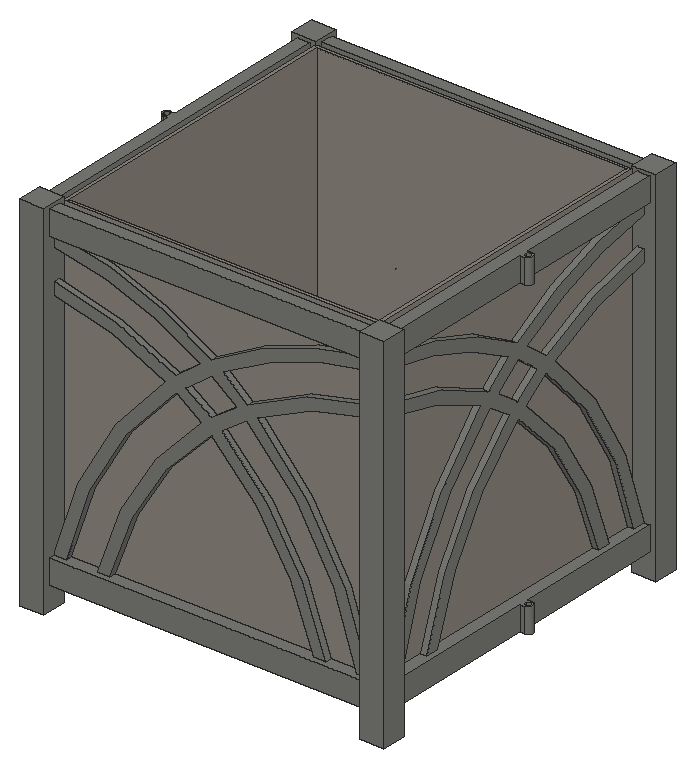
Revit family
Parameters
  Warranty Duration (Years) = 0
  Unit Weight = 0
  URL = "http://www.maglin.com/index.html"
  Specification = "http://www.maglin.com/specifications.html"
  SpecWizard = ""
  Send Message = "http://www.arcat.com/users.pl?action=UserEmail&company=Maglin%20Site%20Furniture%20Inc.&coid=44186&rep=119&fax=877-260-9393%20&mf="
  Sales Information = "sales@maglin.com"
  Revision = "R1_04-2011"
  Recycled Content = ""
  Product Properties = "http://www.maglin.com/products/index.html"
  Product Data = "http://www.maglin.com/products/index.html"
  Mounting Method = ""
  Model = "As Specified"
  Manufacturer Website = "http://www.maglin.com/index.html"
  Manufacturer Phone - Toll Free = "800-716-5506"
  Manufacturer Fax = "877-260-9393"
  Manufacturer Address = "27 Bysham Park Dr., Woodstock, ON, Canada N4T 1P1"
  Manufacturer = "Maglin Site Furniture Inc."
  Maintenance Schedule (Months) = 0
  MR 4.2 = 0
  MR 4.1 = 0
  Keynote = ""
  Installation-Fabrication = "http://www.maglin.com/specifications.html"
  Installation Phase = ""
  Green Building-LEED = "http://www.maglin.com/environment.html"
  Frame Finish = Maglin - Paint Color - Graphite
  Expected Lifespan (Years) = 0
  Drawn By = "Sumex Design, Inc. / Robert S. Weygant, CSI, CDT, SCIP"
  Description = "Maglin Site Furniture Inc. Model"
  Copyright = "©Arcat Inc."
  Construction Details = "http://www.maglin.com/specifications.html"
  Capacity (Gal) = 0 m³
  Building Codes = ""
  Assembly Code = "G2040500"
  Accent Material = Maglin - Plastic - Sand
Reference planes (in)
  plane 1 "Center (Front/Back)": y = 0
  plane 2 "Bottom": z = 0
  plane 3 "Center (Left/Right)": x = 0
  plane 4 "Front": y = -15
  plane 5 "Back": y = 15
  plane 6 "Left": x = -15
  plane 7 "Right": x = 15
  plane 8 "Top": z = 30
  plane 9 "Mount R": x = 14.875
  plane 10 "Mount L": x = -14.875
Forms (in)
  Extrusion 1, solid, material "Maglin - Paint Color - Graphite" <- "Frame Finish"
    sketch origin (0, 0, 0) x (1, 0, 0) y (0, 1, 0)
      loop
        line (-15, 15) -> (-15, 13) -> (-13, 13) -> (-13, 15) -> (-15, 15)
      loop
        line (15, 15) -> (13, 15) -> (13, 13) -> (15, 13) -> (15, 15)
      loop
        line (-15, -15) -> (-13, -15) -> (-13, -13) -> (-15, -13) -> (-15, -15)
      loop
        line (15, -15) -> (15, -13) -> (13, -13) -> (13, -15) -> (15, -15)
    from 0 to 30
  Extrusion 2, solid, material "Maglin - Paint Color - Graphite" <- "Frame Finish"
    sketch origin (0, 0, 2) x (1, 0, 0) y (0, 1, 0)
      loop
        line (-14.5, 14.5) -> (-14.5, 0.375) -> (-14.875, 0.375)
        arc (-14.875, 0.375) -> (-15.25, 0) -> (-14.875, -0.375) r 0.375
        line (-14.875, -0.375) -> (-14.5, -0.375) -> (-14.5, -14.5) -> (14.5, -14.5) -> (14.5, -0.375) -> (14.875, -0.375)
        arc (14.875, -0.375) -> (15.25, 0) -> (14.875, 0.375) r 0.375
        line (14.875, 0.375) -> (14.5, 0.375) -> (14.5, 14.5) -> (-14.5, 14.5)
      loop
        line (-13.5, 13.5) -> (-13.5, -13.5) -> (13.5, -13.5) -> (13.5, 13.5) -> (-13.5, 13.5)
      loop
        circle (-14.875, 0) r 0.25
      loop
        circle (14.875, 0) r 0.25
    from 0 to 2
  Extrusion 3, solid, material "Maglin - Paint Color - Graphite" <- "Frame Finish"
    sketch origin (0, 0, 27.75) x (1, 0, 0) y (0, 1, 0)
      loop
        line (-14.5, 14.5) -> (-14.5, 0.375) -> (-14.875, 0.375)
        arc (-14.875, 0.375) -> (-15.25, 0) -> (-14.875, -0.375) r 0.375
        line (-14.875, -0.375) -> (-14.5, -0.375) -> (-14.5, -14.5) -> (14.5, -14.5) -> (14.5, -0.375) -> (14.875, -0.375)
        arc (14.875, -0.375) -> (15.25, 0) -> (14.875, 0.375) r 0.375
        line (14.875, 0.375) -> (14.5, 0.375) -> (14.5, 14.5) -> (-14.5, 14.5)
      loop
        line (-13.5, 13.5) -> (-13.5, -13.5) -> (13.5, -13.5) -> (13.5, 13.5) -> (-13.5, 13.5)
      loop
        circle (-14.875, 0) r 0.25
      loop
        circle (14.875, 0) r 0.25
    from 0 to 2
  Extrusion 4, solid, material "Maglin - Paint Color - Graphite" <- "Frame Finish"
    sketch origin (0, 0, 0) x (1, 0, 0) y (0, 0, 1)
      loop
        arc (-13, 23.2098) -> (-8.2429, 22.05102) -> (-3.78863, 20.01822) r 25.91677
        arc (-3.78863, 20.01822) -> (-9.64011, 12.72551) -> (-13, 4) r 30.41677
        line (-13, 4) -> (-11.97601, 4)
        arc (-11.97601, 4) -> (-8.64439, 12.44879) -> (-2.8944, 19.47867) r 29.41677
        arc (-2.8944, 19.47867) -> (-1.82364, 18.76503) -> (-0.78961, 17.99913) r 25.91677
        arc (-0.78961, 17.99913) -> (-6.19364, 11.67361) -> (-9.40789, 4) r 26.91677
        line (-9.40789, 4) -> (-8.37679, 4)
        arc (-8.37679, 4) -> (-5.2289, 11.3315) -> (0, 17.35802) r 25.91677
        arc (0, 17.35802) -> (5.2289, 11.3315) -> (8.37679, 4) r 25.91677
        line (8.37679, 4) -> (9.40789, 4)
        arc (9.40789, 4) -> (6.19364, 11.67361) -> (0.78961, 17.99913) r 26.91677
        arc (0.78961, 17.99913) -> (1.82364, 18.76503) -> (2.8944, 19.47867) r 25.91677
        arc (2.8944, 19.47867) -> (8.64439, 12.44879) -> (11.97601, 4) r 29.41677
        line (11.97601, 4) -> (13, 4)
        arc (13, 4) -> (9.64011, 12.72551) -> (3.78863, 20.01822) r 30.41677
        arc (3.78863, 20.01822) -> (8.2429, 22.05102) -> (13, 23.2098) r 25.91677
        line (13, 23.2098) -> (13, 24.21991)
        arc (13, 24.21991) -> (7.82531, 22.96448) -> (2.99902, 20.71494) r 26.91677
        arc (2.99902, 20.71494) -> (1.96461, 21.55785) -> (0.89423, 22.35458) r 30.41677
        arc (0.89423, 22.35458) -> (6.7041, 25.21886) -> (13, 26.74214) r 29.41677
        line (13, 26.74214) -> (13, 27.75)
        arc (13, 27.75) -> (6.22407, 26.10815) -> (0, 22.96651) r 30.41677
        arc (0, 22.96651) -> (-6.22407, 26.10815) -> (-13, 27.75) r 30.41677
        line (-13, 27.75) -> (-13, 26.74214)
        arc (-13, 26.74214) -> (-6.7041, 25.21886) -> (-0.89423, 22.35458) r 29.41677
        arc (-0.89423, 22.35458) -> (-1.96461, 21.55785) -> (-2.99902, 20.71494) r 30.41677
        arc (-2.99902, 20.71494) -> (-7.82531, 22.96448) -> (-13, 24.21991) r 26.91677
        line (-13, 24.21991) -> (-13, 23.2098)
      loop
        arc (-2.10479, 20.16079) -> (-1.03421, 19.43089) -> (0, 18.65032) r 26.91677
        arc (0, 18.65032) -> (1.03421, 19.43089) -> (2.10479, 20.16079) r 26.91677
        arc (2.10479, 20.16079) -> (1.07037, 20.98417) -> (0, 21.76023) r 29.41677
        arc (0, 21.76023) -> (-1.07037, 20.98417) -> (-2.10479, 20.16079) r 29.41677
    from 13.5 to 14
  Extrusion 5, solid, material "Maglin - Paint Color - Graphite" <- "Frame Finish"
    sketch origin (0, 0, 0) x (1, 0, 0) y (0, 0, -1)
      loop
        line (-13, -23.2098) -> (-13, -24.21991)
        arc (-13, -24.21991) -> (-7.82531, -22.96448) -> (-2.99902, -20.71494) r 26.91677
        arc (-2.99902, -20.71494) -> (-1.96461, -21.55785) -> (-0.89423, -22.35458) r 30.41677
        arc (-0.89423, -22.35458) -> (-6.7041, -25.21886) -> (-13, -26.74214) r 29.41677
        line (-13, -26.74214) -> (-13, -27.75)
        arc (-13, -27.75) -> (-6.22407, -26.10815) -> (0, -22.96651) r 30.41677
        arc (0, -22.96651) -> (6.22407, -26.10815) -> (13, -27.75) r 30.41677
        line (13, -27.75) -> (13, -26.74214)
        arc (13, -26.74214) -> (6.7041, -25.21886) -> (0.89423, -22.35458) r 29.41677
        arc (0.89423, -22.35458) -> (1.96461, -21.55785) -> (2.99902, -20.71494) r 30.41677
        arc (2.99902, -20.71494) -> (7.82531, -22.96448) -> (13, -24.21991) r 26.91677
        line (13, -24.21991) -> (13, -23.2098)
        arc (13, -23.2098) -> (8.2429, -22.05102) -> (3.78863, -20.01822) r 25.91677
        arc (3.78863, -20.01822) -> (9.64011, -12.72551) -> (13, -4) r 30.41677
        line (13, -4) -> (11.97601, -4)
        arc (11.97601, -4) -> (8.64439, -12.44879) -> (2.8944, -19.47867) r 29.41677
        arc (2.8944, -19.47867) -> (1.82364, -18.76503) -> (0.78961, -17.99913) r 25.91677
        arc (0.78961, -17.99913) -> (6.19364, -11.67361) -> (9.40789, -4) r 26.91677
        line (9.40789, -4) -> (8.37679, -4)
        arc (8.37679, -4) -> (5.2289, -11.3315) -> (0, -17.35802) r 25.91677
        arc (0, -17.35802) -> (-5.2289, -11.3315) -> (-8.37679, -4) r 25.91677
        line (-8.37679, -4) -> (-9.40789, -4)
        arc (-9.40789, -4) -> (-6.19364, -11.67361) -> (-0.78961, -17.99913) r 26.91677
        arc (-0.78961, -17.99913) -> (-1.82364, -18.76503) -> (-2.8944, -19.47867) r 25.91677
        arc (-2.8944, -19.47867) -> (-8.64439, -12.44879) -> (-11.97601, -4) r 29.41677
        line (-11.97601, -4) -> (-13, -4)
        arc (-13, -4) -> (-9.64011, -12.72551) -> (-3.78863, -20.01822) r 30.41677
        arc (-3.78863, -20.01822) -> (-8.2429, -22.05102) -> (-13, -23.2098) r 25.91677
      loop
        arc (-2.10479, -20.16079) -> (-1.07037, -20.98417) -> (0, -21.76023) r 29.41677
        arc (0, -21.76023) -> (1.07037, -20.98417) -> (2.10479, -20.16079) r 29.41677
        arc (2.10479, -20.16079) -> (1.03421, -19.43089) -> (0, -18.65032) r 26.91677
        arc (0, -18.65032) -> (-1.03421, -19.43089) -> (-2.10479, -20.16079) r 26.91677
    from 13.5 to 14
  Extrusion 6, solid, material "Maglin - Paint Color - Graphite" <- "Frame Finish"
    sketch origin (0, 0, 0) x (0, -1, 0) y (0, 0, 1)
      loop
        arc (-13, 23.2098) -> (-8.2429, 22.05102) -> (-3.78863, 20.01822) r 25.91677
        arc (-3.78863, 20.01822) -> (-9.64011, 12.72551) -> (-13, 4) r 30.41677
        line (-13, 4) -> (-11.97601, 4)
        arc (-11.97601, 4) -> (-8.64439, 12.44879) -> (-2.8944, 19.47867) r 29.41677
        arc (-2.8944, 19.47867) -> (-1.82364, 18.76503) -> (-0.78961, 17.99913) r 25.91677
        arc (-0.78961, 17.99913) -> (-6.19364, 11.67361) -> (-9.40789, 4) r 26.91677
        line (-9.40789, 4) -> (-8.37679, 4)
        arc (-8.37679, 4) -> (-5.2289, 11.3315) -> (0, 17.35802) r 25.91677
        arc (0, 17.35802) -> (5.2289, 11.3315) -> (8.37679, 4) r 25.91677
        line (8.37679, 4) -> (9.40789, 4)
        arc (9.40789, 4) -> (6.19364, 11.67361) -> (0.78961, 17.99913) r 26.91677
        arc (0.78961, 17.99913) -> (1.82364, 18.76503) -> (2.8944, 19.47867) r 25.91677
        arc (2.8944, 19.47867) -> (8.64439, 12.44879) -> (11.97601, 4) r 29.41677
        line (11.97601, 4) -> (13, 4)
        arc (13, 4) -> (9.64011, 12.72551) -> (3.78863, 20.01822) r 30.41677
        arc (3.78863, 20.01822) -> (8.2429, 22.05102) -> (13, 23.2098) r 25.91677
        line (13, 23.2098) -> (13, 24.21991)
        arc (13, 24.21991) -> (7.82531, 22.96448) -> (2.99902, 20.71494) r 26.91677
        arc (2.99902, 20.71494) -> (1.96461, 21.55785) -> (0.89423, 22.35458) r 30.41677
        arc (0.89423, 22.35458) -> (6.7041, 25.21886) -> (13, 26.74214) r 29.41677
        line (13, 26.74214) -> (13, 27.75)
        arc (13, 27.75) -> (6.22407, 26.10815) -> (0, 22.96651) r 30.41677
        arc (0, 22.96651) -> (-6.22407, 26.10815) -> (-13, 27.75) r 30.41677
        line (-13, 27.75) -> (-13, 26.74214)
        arc (-13, 26.74214) -> (-6.7041, 25.21886) -> (-0.89423, 22.35458) r 29.41677
        arc (-0.89423, 22.35458) -> (-1.96461, 21.55785) -> (-2.99902, 20.71494) r 30.41677
        arc (-2.99902, 20.71494) -> (-7.82531, 22.96448) -> (-13, 24.21991) r 26.91677
        line (-13, 24.21991) -> (-13, 23.2098)
      loop
        arc (-2.10479, 20.16079) -> (-1.03421, 19.43089) -> (0, 18.65032) r 26.91677
        arc (0, 18.65032) -> (1.03421, 19.43089) -> (2.10479, 20.16079) r 26.91677
        arc (2.10479, 20.16079) -> (1.07037, 20.98417) -> (0, 21.76023) r 29.41677
        arc (0, 21.76023) -> (-1.07037, 20.98417) -> (-2.10479, 20.16079) r 29.41677
    from 13.5 to 14
  Extrusion 7, solid, material "Maglin - Paint Color - Graphite" <- "Frame Finish"
    sketch origin (0, 0, 0) x (0, -1, 0) y (0, 0, -1)
      loop
        line (-13, -23.2098) -> (-13, -24.21991)
        arc (-13, -24.21991) -> (-7.82531, -22.96448) -> (-2.99902, -20.71494) r 26.91677
        arc (-2.99902, -20.71494) -> (-1.96461, -21.55785) -> (-0.89423, -22.35458) r 30.41677
        arc (-0.89423, -22.35458) -> (-6.7041, -25.21886) -> (-13, -26.74214) r 29.41677
        line (-13, -26.74214) -> (-13, -27.75)
        arc (-13, -27.75) -> (-6.22407, -26.10815) -> (0, -22.96651) r 30.41677
        arc (0, -22.96651) -> (6.22407, -26.10815) -> (13, -27.75) r 30.41677
        line (13, -27.75) -> (13, -26.74214)
        arc (13, -26.74214) -> (6.7041, -25.21886) -> (0.89423, -22.35458) r 29.41677
        arc (0.89423, -22.35458) -> (1.96461, -21.55785) -> (2.99902, -20.71494) r 30.41677
        arc (2.99902, -20.71494) -> (7.82531, -22.96448) -> (13, -24.21991) r 26.91677
        line (13, -24.21991) -> (13, -23.2098)
        arc (13, -23.2098) -> (8.2429, -22.05102) -> (3.78863, -20.01822) r 25.91677
        arc (3.78863, -20.01822) -> (9.64011, -12.72551) -> (13, -4) r 30.41677
        line (13, -4) -> (11.97601, -4)
        arc (11.97601, -4) -> (8.64439, -12.44879) -> (2.8944, -19.47867) r 29.41677
        arc (2.8944, -19.47867) -> (1.82364, -18.76503) -> (0.78961, -17.99913) r 25.91677
        arc (0.78961, -17.99913) -> (6.19364, -11.67361) -> (9.40789, -4) r 26.91677
        line (9.40789, -4) -> (8.37679, -4)
        arc (8.37679, -4) -> (5.2289, -11.3315) -> (0, -17.35802) r 25.91677
        arc (0, -17.35802) -> (-5.2289, -11.3315) -> (-8.37679, -4) r 25.91677
        line (-8.37679, -4) -> (-9.40789, -4)
        arc (-9.40789, -4) -> (-6.19364, -11.67361) -> (-0.78961, -17.99913) r 26.91677
        arc (-0.78961, -17.99913) -> (-1.82364, -18.76503) -> (-2.8944, -19.47867) r 25.91677
        arc (-2.8944, -19.47867) -> (-8.64439, -12.44879) -> (-11.97601, -4) r 29.41677
        line (-11.97601, -4) -> (-13, -4)
        arc (-13, -4) -> (-9.64011, -12.72551) -> (-3.78863, -20.01822) r 30.41677
        arc (-3.78863, -20.01822) -> (-8.2429, -22.05102) -> (-13, -23.2098) r 25.91677
      loop
        arc (-2.10479, -20.16079) -> (-1.07037, -20.98417) -> (0, -21.76023) r 29.41677
        arc (0, -21.76023) -> (1.07037, -20.98417) -> (2.10479, -20.16079) r 29.41677
        arc (2.10479, -20.16079) -> (1.03421, -19.43089) -> (0, -18.65032) r 26.91677
        arc (0, -18.65032) -> (-1.03421, -19.43089) -> (-2.10479, -20.16079) r 26.91677
    from 13.5 to 14
  Extrusion 8, solid, material "Maglin - Plastic - Sand" <- "Accent Material"
    sketch origin (0, 0, 0) x (1, 0, 0) y (0, 1, 0)
      loop
        line (-13, 13) -> (-13, -13) -> (13, -13) -> (13, 13) -> (-13, 13)
      loop
        line (12.75, -12.75) -> (12.75, 12.75) -> (-12.75, 12.75) -> (-12.75, -12.75) -> (12.75, -12.75)
    from 2 to 29.75
  Extrusion 9, solid, material "Maglin - Plastic - Sand" <- "Accent Material"
    sketch origin (0, 0, 0) x (1, 0, 0) y (0, 1, 0)
      loop
        line (-13.5, 13.5) -> (-13.5, -13.5) -> (13.5, -13.5) -> (13.5, 13.5) -> (-13.5, 13.5)
    from 2 to 2.25
  Extrusion 10, solid, material "Maglin - Paint Color - Graphite" <- "Frame Finish"
    sketch origin (0, 0, 0) x (1, 0, 0) y (0, 0, 1)
      loop
        line (-5.75, 2) -> (-6, 2) -> (-6, 0.25) -> (-7.75, 0.25) -> (-7.75, 0) -> (-5.75, 0) -> (-5.75, 2)
      loop
        line (5.75, 2) -> (5.75, 0) -> (7.75, 0) -> (7.75, 0.25) -> (6, 0.25) -> (6, 2) -> (5.75, 2)
    from -1 to 1
Cuts and joins
  joined: Extrusion 1, Extrusion 2, Extrusion 3
Dimensions and locks (in)
  locked: plane 8 "Top" to level at 30
  equal spacing: plane 6 "Left", plane 3 "Center (Left/Right)", plane 7 "Right"
  locked: plane 6 "Left" to plane 7 "Right" at 30
  equal spacing: plane 5 "Back", plane 1 "Center (Front/Back)", plane 4 "Front"
  locked: plane 5 "Back" to plane 4 "Front" at 30
  locked: Extrusion 9 to Extrusion 9 at 0.25
  aligned and locked: plane 6 "Left" to Extrusion 1 sketch curve
  aligned and locked: Extrusion 1 sketch curve to plane 5 "Back"
  aligned and locked: plane 8 "Top" to Extrusion 1
  aligned and locked: Extrusion 1 to level
  aligned and locked: Extrusion 4 to cut or joined group of Extrusion 1, Extrusion 2, Extrusion 3
  aligned and locked: cut or joined group of Extrusion 1, Extrusion 2, Extrusion 3 to Extrusion 8  (x2)
  aligned and locked: Extrusion 9 sketch curve to cut or joined group of Extrusion 1, Extrusion 2, Extrusion 3  (x4)
  aligned and locked: cut or joined group of Extrusion 1, Extrusion 2, Extrusion 3 to Extrusion 9
Automatic sketch dimensions
  Extrusion 1 sketch curve to plane 6 "Left" = 0' - 0"
  Extrusion 1 sketch curve to plane 4 "Front" = 0' - 0"  (x2)
  Extrusion 1 sketch curve to plane 5 "Back" = 0' - 0"
  Extrusion 1 sketch curve to plane 7 "Right" = 0' - 0"  (x2)
  Extrusion 1 sketch curve to Extrusion 1 sketch curve = 0' - 2"  (x5)
  plane 4 "Front" to Extrusion 1 sketch curve = 0' - 2"  (x2)
  Extrusion 1 sketch curve to plane 5 "Back" = 0' - 2"
  Extrusion 2 sketch curve to Extrusion 2 sketch curve = 0' - 0"  (x4)
  Extrusion 2 sketch curve to plane 1 "Center (Front/Back)" = 0' - 0"  (x2)
  plane 6 "Left" to Extrusion 2 sketch curve = 0' - 0 1/8"
  Extrusion 2 sketch curve to Extrusion 2 sketch curve = 0' - 0 3/8"  (x2)
  Extrusion 2 sketch curve to Extrusion 2 sketch curve = 0' - 1"
  Extrusion 2 sketch curve to plane 7 "Right" = 0' - 1 1/2"
  Extrusion 2 sketch curve to plane 7 "Right" = 0' - 0 1/2"  (x2)
  Extrusion 2 sketch curve to plane 7 "Right" = 0' - 0 1/8"
  plane 1 "Center (Front/Back)" to Extrusion 2 sketch curve = 0' - 0 3/8"  (x2)
  plane 4 "Front" to Extrusion 2 sketch curve = 0' - 1 1/2"
  plane 4 "Front" to Extrusion 2 sketch curve = 0' - 0 1/2"
  Extrusion 2 sketch curve to plane 5 "Back" = 0' - 1 1/2"
  Extrusion 2 sketch curve to plane 5 "Back" = 0' - 0 1/2"
  Extrusion 3 sketch curve to Extrusion 3 sketch curve = 0' - 0"  (x4)
  Extrusion 3 sketch curve to plane 1 "Center (Front/Back)" = 0' - 0"  (x2)
  plane 6 "Left" to Extrusion 3 sketch curve = 0' - 0 1/8"
  plane 6 "Left" to Extrusion 3 sketch curve = 0' - 0 1/2"  (x2)
  Extrusion 3 sketch curve to Extrusion 3 sketch curve = 0' - 1"
  Extrusion 3 sketch curve to plane 7 "Right" = 0' - 1 1/2"
  Extrusion 3 sketch curve to plane 7 "Right" = 0' - 0 1/2"  (x2)
  Extrusion 3 sketch curve to plane 7 "Right" = 0' - 0 1/8"
  plane 1 "Center (Front/Back)" to Extrusion 3 sketch curve = 0' - 0 3/8"  (x2)
  plane 4 "Front" to Extrusion 3 sketch curve = 0' - 1 1/2"
  plane 4 "Front" to Extrusion 3 sketch curve = 0' - 0 1/2"
  Extrusion 3 sketch curve to plane 5 "Back" = 0' - 1 1/2"
  Extrusion 3 sketch curve to plane 5 "Back" = 0' - 0 1/2"
  Extrusion 4 sketch curve to Extrusion 4 sketch curve = 0' - 0"  (x264)
  Extrusion 4 sketch curve to plane 3 "Center (Left/Right)" = 0' - 0"  (x4)
  Extrusion 4 sketch curve to plane 3 "Center (Left/Right)" = 0' - 0.78961"
  Extrusion 4 sketch curve to plane 3 "Center (Left/Right)" = 0' - 0.89423"
  Extrusion 4 sketch curve to plane 3 "Center (Left/Right)" = 0' - 2.10479"
  Extrusion 4 sketch curve to Extrusion 4 sketch curve = 0' - 0.78961"  (x2)
  Extrusion 4 sketch curve to Extrusion 4 sketch curve = 0' - 0.89423"  (x4)
  level to Extrusion 4 sketch curve = 0' - 4"  (x2)
  plane 6 "Left" to Extrusion 4 sketch curve = 0' - 6.62321"
  Extrusion 4 sketch curve to Extrusion 4 sketch curve = 0' - 1.0311"  (x2)
  Extrusion 4 sketch curve to Extrusion 4 sketch curve = 0' - 2.56812"  (x2)
  Extrusion 4 sketch curve to Extrusion 4 sketch curve = 0' - 1.02399"  (x2)
  plane 6 "Left" to Extrusion 4 sketch curve = 0' - 2"  (x2)
  Extrusion 4 sketch curve to plane 6 "Left" = 0' - 1.72774"
  plane 3 "Center (Left/Right)" to Extrusion 4 sketch curve = 0' - 0.78961"
  plane 3 "Center (Left/Right)" to Extrusion 4 sketch curve = 0' - 0.89423"
  plane 3 "Center (Left/Right)" to Extrusion 4 sketch curve = 0' - 2.10479"
  plane 3 "Center (Left/Right)" to Extrusion 4 sketch curve = 0' - 8.37679"
  Extrusion 4 sketch curve to plane 7 "Right" = 0' - 2"  (x2)
  Extrusion 4 sketch curve to level = 0' - 2.43748"
  Extrusion 4 sketch curve to Extrusion 4 sketch curve = 0' - 0.65119"
  Extrusion 4 sketch curve to Extrusion 4 sketch curve = 0' - 0.55415"  (x2)
  Extrusion 4 sketch curve to Extrusion 4 sketch curve = 0' - 0.61193"
  Extrusion 5 sketch curve to Extrusion 5 sketch curve = 0' - 0"  (x264)
  Extrusion 5 sketch curve to plane 3 "Center (Left/Right)" = 0' - 0"  (x4)
  Extrusion 5 sketch curve to plane 3 "Center (Left/Right)" = 0' - 0.78961"
  Extrusion 5 sketch curve to plane 3 "Center (Left/Right)" = 0' - 0.89423"
  Extrusion 5 sketch curve to plane 3 "Center (Left/Right)" = 0' - 2.10479"
  Extrusion 5 sketch curve to Extrusion 5 sketch curve = 0' - 0.78961"  (x2)
  Extrusion 5 sketch curve to Extrusion 5 sketch curve = 0' - 0.89423"  (x4)
  level to Extrusion 5 sketch curve = 0' - 4"  (x2)
  plane 6 "Left" to Extrusion 5 sketch curve = 0' - 6.62321"
  Extrusion 5 sketch curve to Extrusion 5 sketch curve = 0' - 1.0311"  (x2)
  Extrusion 5 sketch curve to Extrusion 5 sketch curve = 0' - 2.56812"  (x2)
  Extrusion 5 sketch curve to Extrusion 5 sketch curve = 0' - 1.02399"  (x2)
  plane 6 "Left" to Extrusion 5 sketch curve = 0' - 2"  (x2)
  Extrusion 5 sketch curve to plane 6 "Left" = 0' - 1.72774"
  plane 3 "Center (Left/Right)" to Extrusion 5 sketch curve = 0' - 0.78961"
  plane 3 "Center (Left/Right)" to Extrusion 5 sketch curve = 0' - 0.89423"
  plane 3 "Center (Left/Right)" to Extrusion 5 sketch curve = 0' - 2.10479"
  plane 3 "Center (Left/Right)" to Extrusion 5 sketch curve = 0' - 8.37679"
  Extrusion 5 sketch curve to plane 7 "Right" = 0' - 2"  (x2)
  Extrusion 5 sketch curve to Extrusion 5 sketch curve = 1' - 1.35802"
  Extrusion 5 sketch curve to Extrusion 5 sketch curve = 0' - 0.65119"
  Extrusion 5 sketch curve to Extrusion 5 sketch curve = 0' - 0.55415"  (x2)
  Extrusion 5 sketch curve to Extrusion 5 sketch curve = 0' - 0.61193"
  Extrusion 6 sketch curve to Extrusion 6 sketch curve = 0' - 0"  (x264)
  Extrusion 6 sketch curve to plane 1 "Center (Front/Back)" = 0' - 0"  (x4)
  Extrusion 6 sketch curve to plane 1 "Center (Front/Back)" = 0' - 0.78961"
  Extrusion 6 sketch curve to plane 1 "Center (Front/Back)" = 0' - 0.89423"
  Extrusion 6 sketch curve to plane 1 "Center (Front/Back)" = 0' - 2.10479"
  Extrusion 6 sketch curve to Extrusion 6 sketch curve = 0' - 0.78961"  (x2)
  Extrusion 6 sketch curve to Extrusion 6 sketch curve = 0' - 0.89423"  (x4)
  level to Extrusion 6 sketch curve = 0' - 4"  (x2)
  Extrusion 6 sketch curve to plane 5 "Back" = 0' - 6.62321"
  Extrusion 6 sketch curve to Extrusion 6 sketch curve = 0' - 1.0311"  (x2)
  Extrusion 6 sketch curve to Extrusion 6 sketch curve = 0' - 2.56812"  (x2)
  Extrusion 6 sketch curve to Extrusion 6 sketch curve = 0' - 1.02399"  (x2)
  Extrusion 6 sketch curve to plane 5 "Back" = 0' - 2"  (x2)
  plane 5 "Back" to Extrusion 6 sketch curve = 0' - 1.72774"
  plane 1 "Center (Front/Back)" to Extrusion 6 sketch curve = 0' - 0.78961"
  plane 1 "Center (Front/Back)" to Extrusion 6 sketch curve = 0' - 0.89423"
  plane 1 "Center (Front/Back)" to Extrusion 6 sketch curve = 0' - 2.10479"
  plane 1 "Center (Front/Back)" to Extrusion 6 sketch curve = 0' - 8.37679"
  plane 4 "Front" to Extrusion 6 sketch curve = 0' - 2"  (x2)
  Extrusion 6 sketch curve to level = 0' - 2.43748"
  Extrusion 6 sketch curve to Extrusion 6 sketch curve = 0' - 0.65119"
  Extrusion 6 sketch curve to Extrusion 6 sketch curve = 0' - 0.55415"  (x2)
  Extrusion 6 sketch curve to Extrusion 6 sketch curve = 0' - 0.61193"
  Extrusion 7 sketch curve to Extrusion 7 sketch curve = 0' - 0"  (x264)
  Extrusion 7 sketch curve to plane 1 "Center (Front/Back)" = 0' - 0"  (x4)
  Extrusion 7 sketch curve to plane 1 "Center (Front/Back)" = 0' - 0.78961"
  Extrusion 7 sketch curve to plane 1 "Center (Front/Back)" = 0' - 0.89423"
  Extrusion 7 sketch curve to plane 1 "Center (Front/Back)" = 0' - 2.10479"
  Extrusion 7 sketch curve to Extrusion 7 sketch curve = 0' - 0.78961"  (x2)
  Extrusion 7 sketch curve to Extrusion 7 sketch curve = 0' - 0.89423"  (x4)
  level to Extrusion 7 sketch curve = 0' - 4"  (x2)
  Extrusion 7 sketch curve to plane 5 "Back" = 0' - 6.62321"
  Extrusion 7 sketch curve to Extrusion 7 sketch curve = 0' - 1.0311"  (x2)
  Extrusion 7 sketch curve to Extrusion 7 sketch curve = 0' - 2.56812"  (x2)
  Extrusion 7 sketch curve to Extrusion 7 sketch curve = 0' - 1.02399"  (x2)
  Extrusion 7 sketch curve to plane 5 "Back" = 0' - 2"  (x2)
  plane 5 "Back" to Extrusion 7 sketch curve = 0' - 1.72774"
  plane 1 "Center (Front/Back)" to Extrusion 7 sketch curve = 0' - 0.78961"
  plane 1 "Center (Front/Back)" to Extrusion 7 sketch curve = 0' - 0.89423"
  plane 1 "Center (Front/Back)" to Extrusion 7 sketch curve = 0' - 2.10479"
  plane 1 "Center (Front/Back)" to Extrusion 7 sketch curve = 0' - 8.37679"
  plane 4 "Front" to Extrusion 7 sketch curve = 0' - 2"  (x2)
  Extrusion 7 sketch curve to Extrusion 7 sketch curve = 1' - 1.35802"
  Extrusion 7 sketch curve to Extrusion 7 sketch curve = 0' - 0.65119"
  Extrusion 7 sketch curve to Extrusion 7 sketch curve = 0' - 0.55415"  (x2)
  Extrusion 7 sketch curve to Extrusion 7 sketch curve = 0' - 0.61193"
  plane 6 "Left" to Extrusion 8 sketch curve = 0' - 2"
  Extrusion 8 sketch curve to Extrusion 8 sketch curve = 0' - 0 1/4"  (x4)
  Extrusion 8 sketch curve to plane 7 "Right" = 0' - 2 1/4"
  plane 4 "Front" to Extrusion 8 sketch curve = 0' - 2"
  Extrusion 8 sketch curve to plane 5 "Back" = 0' - 2 1/4"
  Extrusion 10 sketch curve to level = 0' - 0"  (x2)
  plane 6 "Left" to Extrusion 10 sketch curve = 0' - 7 1/4"
  level to Extrusion 10 sketch curve = 0' - 0 1/4"
  Extrusion 10 sketch curve to Extrusion 10 sketch curve = 0' - 1 3/4"  (x3)
  Extrusion 10 sketch curve to Extrusion 10 sketch curve = 0' - 0 1/4"  (x3)
  level to Extrusion 10 sketch curve = 0' - 2"
  plane 3 "Center (Left/Right)" to Extrusion 10 sketch curve = 0' - 5 3/4"
  radius of Extrusion 2 sketch curve = 0' - 0 1/4"  (x2)
  radius of Extrusion 3 sketch curve = 0' - 0 1/4"  (x2)
